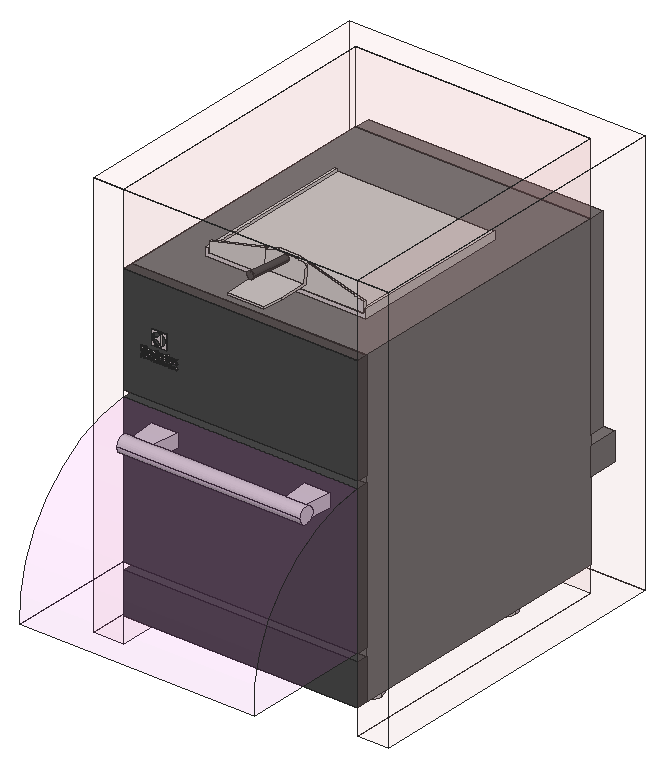
Revit family "QF_ELECTROLUXPROFESSIONAL_603952_EPRPROBTD", category Specialty Equipment, Revit 2018 (continued)
Definition of nested family "ELX_Logo_Professional"
  Lines and regions (mm)
    symbolic lines
      curve 245: arc (15.926, -22.405, 0) -> (13.862, -20.34, 0) -> (11.797, -22.405, 0) r 2.065
      curve 246: line (19.217, -20.436, 0) -> (19.217, -24.327, 0)
      curve 247: line (19.217, -24.327, 0) -> (20.048, -24.327, 0)
      curve 248: line (20.048, -24.327, 0) -> (20.048, -21.88, 0)
      curve 249: line (20.048, -21.88, 0) -> (21.828, -24.327, 0)
      curve 250: line (21.828, -24.327, 0) -> (22.628, -24.327, 0)
      curve 251: line (22.628, -24.327, 0) -> (22.628, -20.436, 0)
      curve 252: line (22.628, -20.436, 0) -> (21.797, -20.436, 0)
      curve 253: line (21.797, -20.436, 0) -> (21.797, -22.956, 0)
      curve 254: line (21.797, -22.956, 0) -> (20.017, -20.436, 0)
      curve 255: line (20.017, -20.436, 0) -> (19.217, -20.436, 0)
      curve 256: line (27.374, -20.437, 0) -> (25.781, -24.327, 0)
      curve 257: line (25.781, -24.327, 0) -> (26.64, -24.327, 0)
      curve 258: line (26.64, -24.327, 0) -> (27.018, -23.487, 0)
      curve 259: line (27.018, -23.487, 0) -> (28.458, -23.487, 0)
      curve 260: line (28.458, -23.487, 0) -> (28.836, -24.327, 0)
      curve 261: line (28.836, -24.327, 0) -> (29.695, -24.327, 0)
      curve 262: line (29.695, -24.327, 0) -> (28.174, -20.437, 0)
      curve 263: line (28.174, -20.437, 0) -> (27.374, -20.437, 0)
      curve 264: line (27.322, -22.72, 0) -> (27.739, -21.702, 0)
      curve 265: line (27.739, -21.702, 0) -> (28.137, -22.72, 0)
      curve 266: line (28.137, -22.72, 0) -> (27.322, -22.72, 0)
      curve 267: line (32.87, -20.436, 0) -> (32.87, -24.327, 0)
      curve 268: line (32.87, -24.327, 0) -> (35.166, -24.327, 0)
      curve 269: line (35.166, -24.327, 0) -> (35.166, -23.527, 0)
      curve 270: line (35.166, -23.527, 0) -> (33.67, -23.527, 0)
      curve 271: line (33.67, -23.527, 0) -> (33.67, -20.436, 0)
      curve 272: line (33.67, -20.436, 0) -> (32.87, -20.436, 0)
  Dimensions and locks
    aligned and locked: plane 2 to Extrusion 1
    aligned and locked: level to Extrusion 1
